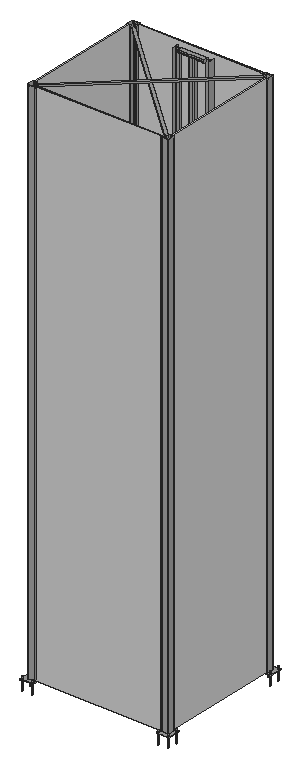
Revit family "1SE_Trez_TC_T_1000_With_Pit", category Specialty Equipment, Revit 2019
Family settings
  Round Connector Dimension = Use Diameter
  Part Type = Normal
  Work Plane-Based = No
  Always vertical = Yes
  Cut with Voids When Loaded = Yes
  Shared = No
  Room Calculation Point = No
Parameters (values of type "Platform-1800x1400mm with Door Height 2500mm")
  Side Clearance = 105.0 mm  # constant formula
  Safe Working Load = 1000.00 kg  # constant formula
  Safe Space = if(Cabin or Platform = Cabin, 900.0 mm, if(and(Cabin or Platform = Platform, Door Clear Height > 1900.0 mm), 600.0 mm, 0.0 mm))  # 600.0 mm
  Platform = Speciality_Equipment_Trez_Platform_Sgl_C : Platform
  Door Clear Width = Real Width  # 1800.0 mm
  Door Clear Height = 2500.0 mm
  D-Side = yes
  Clear Width = 1800.0 mm
  URL = "https://trez.bg/en/products/goods-only-lift-tc/tc-t-tower/"
  Tower Width = Real Width + 2 * Side Clearance  # 2010.0 mm
  Tower Depth = Real Depth + Side Clearance + Clearance  # 1870.0 mm
  Tower Cladding Material = TREZ_Steel_Cladding
  Real Width = if(Clear Width < 850.0 mm, 850.0 mm, if(Clear Width > 1800.0 mm, 1800.0 mm, Clear Width))  # 1800.0 mm
  Real Depth = if(Clear Depth < 850.0 mm, 850.0 mm, if(Clear Depth > 1400.0 mm, 1400.0 mm, Clear Depth))  # 1400.0 mm
  Profiles Material = TREZ_Steel
  Platform Material = TREZ_Steel
  Pit Height = 120.0 mm  # constant formula
  Travel = 4500.0 mm
  Rail Height = Travel + Pit Height + Headroom  # 7720.0 mm
  Model = "TC T 1000"
  Manufacturer = "TREZ Ltd."
  Headroom = Door Clear Height + Safe Space  # 3100.0 mm
  Description = "TC T is the best choice when the budget is small, but the safety requirements are high. TC T is not fixed forever to the building. It can be installed directly on the ground floor and later dismounted and installed in another place. The TC T complies with the machinery directive 2006/42/EC. From the menu below, you can choose the lift and the tower options to fit perfectly for your project."  # constant formula
  Clear Depth = 1400.0 mm
  Created By URL = "https://all1studio.com/"
  Created By = "All 1 Studio Ltd."
  Clearance = 365.0 mm  # constant formula
  Cabin or Platform = Speciality_Equipment_Trez_Platform_Sgl_C : Platform
  Cabin = Speciality_Equipment_Trez_Cabin_Sgl_C : Cabin
  C-Side = 1 = 1  # yes
  B-Side = yes
  A-Side = no
Reference planes
  plane 1 "Center (Front/Back)": y = 0
  plane 2: z = 0
  plane 3 "Center (Left/Right)": x = 0
  plane 4: x = -900
  plane 5: x = 900
  plane 6: y = 700
  plane 7: y = -700
  plane 8: x = 1005
  plane 9: y = 1065
  plane 10: x = -1005
  plane 11: y = -805
  plane 12: x = 950
  plane 13: x = -950
  plane 14: y = 1010
  plane 15: y = -750
  plane 16: z = 4500
  plane 17 "Top of Lift": z = 7600
  plane 18 "Pit": z = -120
  plane 19: x = -958.5
  plane 20: x = 958.5
  plane 21: x = -989.032
  plane 22: x = -971.032
  plane 23: y = 1049
  plane 24: y = 1031
  plane 25: x = 989
  plane 26: x = 971
  plane 27: y = -789
  plane 28: y = -771
  plane 29: x = -1065
  plane 30: y = 1125
  plane 31: x = 1065
  plane 32: y = -865
  plane 33: z = 7540
  plane 34: z = 40
  plane 35: z = -145
  plane 36: y = 878.5
  plane 37: y = 1275
  plane 38: x = -900
  plane 39: y = -700
  plane 40: x = 900
  plane 41: y = 960
Forms (mm)
  Extrusion 1, solid, material "TREZ_Steel_Cladding" <- "Tower Cladding Material", detail levels coarse+medium
    sketch origin (0, 0, 0) x (1, 0, 0) y (0, 1, 0)
      loop
        line (-1005, -805) -> (-900, -805) -> (-900, -789) -> (900, -789) -> (900, -805) -> (1005, -805) -> (1005, -700) -> (989, -700) -> (989, 960) -> (1005, 960) -> (1005, 1065) -> (900, 1065) -> (900, 1049) -> (-900, 1049) -> (-900, 1065) -> (-1005, 1065) -> (-1005, 960) -> (-989.032, 960) -> (-989.032, -700) -> (-1005, -700) -> (-1005, -805)
      loop
        line (-950, -750) -> (-900, -750) -> (-900, -771) -> (900, -771) -> (900, -750) -> (950, -750) -> (950, -700) -> (971, -700) -> (971, 960) -> (950, 960) -> (950, 1010) -> (900, 1010) -> (900, 1031) -> (-900, 1031) -> (-900, 1010) -> (-950, 1010) -> (-950, 960) -> (-971.032, 960) -> (-971.032, -700) -> (-950, -700) -> (-950, -750)
    from 0 to 7600
  Extrusion 2, void
    sketch origin (0, 0, 0) x (1, 0, 0) y (0, 1, 0)
      loop
        line (-950, 1010) -> (-950, -750) -> (950, -750) -> (950, 1010) -> (-950, 1010)
    from 0 to -120
  Extrusion 3, solid, material "TREZ_Steel" <- "Profiles Material", detail levels fine
    sketch origin (0, 0, 0) x (1, 0, 0) y (0, 1, 0)
      loop
        arc (-1005, -798) -> (-1002.95, -802.95) -> (-998, -805) r 7
        line (-998, -805) -> (-907, -805)
        arc (-907, -805) -> (-902.05, -802.95) -> (-900, -798) r 7
        line (-900, -798) -> (-900, -757)
        arc (-900, -757) -> (-902.05, -752.05) -> (-907, -750) r 7
        line (-907, -750) -> (-943, -750)
        arc (-943, -750) -> (-947.95, -747.95) -> (-950, -743) r 7
        line (-950, -743) -> (-950, -707)
        arc (-950, -707) -> (-952.05, -702.05) -> (-957, -700) r 7
        line (-957, -700) -> (-998, -700)
        arc (-998, -700) -> (-1002.95, -702.05) -> (-1005, -707) r 7
        line (-1005, -707) -> (-1005, -798)
      loop
        line (-903, -798) -> (-903, -757)
        arc (-903, -757) -> (-904.172, -754.172) -> (-907, -753) r 4
        line (-907, -753) -> (-943, -753)
        arc (-943, -753) -> (-950.071, -750.071) -> (-953, -743) r 10
        line (-953, -743) -> (-953, -707)
        arc (-953, -707) -> (-954.172, -704.172) -> (-957, -703) r 4
        line (-957, -703) -> (-998, -703)
        arc (-998, -703) -> (-1000.828, -704.172) -> (-1002, -707) r 4
        line (-1002, -707) -> (-1002, -798)
        arc (-1002, -798) -> (-1000.828, -800.828) -> (-998, -802) r 4
        line (-998, -802) -> (-907, -802)
        arc (-907, -802) -> (-904.172, -800.828) -> (-903, -798) r 4
      loop
        line (1005, -798) -> (1005, -707)
        arc (1005, -707) -> (1002.95, -702.05) -> (998, -700) r 7
        line (998, -700) -> (957, -700)
        arc (957, -700) -> (952.05, -702.05) -> (950, -707) r 7
        line (950, -707) -> (950, -743)
        arc (950, -743) -> (947.95, -747.95) -> (943, -750) r 7
        line (943, -750) -> (907, -750)
        arc (907, -750) -> (902.05, -752.05) -> (900, -757) r 7
        line (900, -757) -> (900, -798)
        arc (900, -798) -> (902.05, -802.95) -> (907, -805) r 7
        line (907, -805) -> (998, -805)
        arc (998, -805) -> (1002.95, -802.95) -> (1005, -798) r 7
      loop
        arc (903, -798) -> (904.172, -800.828) -> (907, -802) r 4
        line (907, -802) -> (998, -802)
        arc (998, -802) -> (1000.828, -800.828) -> (1002, -798) r 4
        line (1002, -798) -> (1002, -707)
        arc (1002, -707) -> (1000.828, -704.172) -> (998, -703) r 4
        line (998, -703) -> (957, -703)
        arc (957, -703) -> (954.172, -704.172) -> (953, -707) r 4
        line (953, -707) -> (953, -743)
        arc (953, -743) -> (950.071, -750.071) -> (943, -753) r 10
        line (943, -753) -> (907, -753)
        arc (907, -753) -> (904.172, -754.172) -> (903, -757) r 4
        line (903, -757) -> (903, -798)
      loop
        line (-1005, 1058) -> (-1005, 967)
        arc (-1005, 967) -> (-1002.95, 962.05) -> (-998, 960) r 7
        line (-998, 960) -> (-957, 960)
        arc (-957, 960) -> (-952.05, 962.05) -> (-950, 967) r 7
        line (-950, 967) -> (-950, 1003)
        arc (-950, 1003) -> (-947.95, 1007.95) -> (-943, 1010) r 7
        line (-943, 1010) -> (-907, 1010)
        arc (-907, 1010) -> (-902.05, 1012.05) -> (-900, 1017) r 7
        line (-900, 1017) -> (-900, 1058)
        arc (-900, 1058) -> (-902.05, 1062.95) -> (-907, 1065) r 7
        line (-907, 1065) -> (-998, 1065)
        arc (-998, 1065) -> (-1002.95, 1062.95) -> (-1005, 1058) r 7
      loop
        arc (-903, 1058) -> (-904.172, 1060.828) -> (-907, 1062) r 4
        line (-907, 1062) -> (-998, 1062)
        arc (-998, 1062) -> (-1000.828, 1060.828) -> (-1002, 1058) r 4
        line (-1002, 1058) -> (-1002, 967)
        arc (-1002, 967) -> (-1000.828, 964.172) -> (-998, 963) r 4
        line (-998, 963) -> (-957, 963)
        arc (-957, 963) -> (-954.172, 964.172) -> (-953, 967) r 4
        line (-953, 967) -> (-953, 1003)
        arc (-953, 1003) -> (-950.071, 1010.071) -> (-943, 1013) r 10
        line (-943, 1013) -> (-907, 1013)
        arc (-907, 1013) -> (-904.172, 1014.172) -> (-903, 1017) r 4
        line (-903, 1017) -> (-903, 1058)
      loop
        arc (1005, 1058) -> (1002.95, 1062.95) -> (998, 1065) r 7
        line (998, 1065) -> (907, 1065)
        arc (907, 1065) -> (902.05, 1062.95) -> (900, 1058) r 7
        line (900, 1058) -> (900, 1017)
        arc (900, 1017) -> (902.05, 1012.05) -> (907, 1010) r 7
        line (907, 1010) -> (943, 1010)
        arc (943, 1010) -> (947.95, 1007.95) -> (950, 1003) r 7
        line (950, 1003) -> (950, 967)
        arc (950, 967) -> (952.05, 962.05) -> (957, 960) r 7
        line (957, 960) -> (998, 960)
        arc (998, 960) -> (1002.95, 962.05) -> (1005, 967) r 7
        line (1005, 967) -> (1005, 1058)
      loop
        line (903, 1058) -> (903, 1017)
        arc (903, 1017) -> (904.172, 1014.172) -> (907, 1013) r 4
        line (907, 1013) -> (943, 1013)
        arc (943, 1013) -> (950.071, 1010.071) -> (953, 1003) r 10
        line (953, 1003) -> (953, 967)
        arc (953, 967) -> (954.172, 964.172) -> (957, 963) r 4
        line (957, 963) -> (998, 963)
        arc (998, 963) -> (1000.828, 964.172) -> (1002, 967) r 4
        line (1002, 967) -> (1002, 1058)
        arc (1002, 1058) -> (1000.828, 1060.828) -> (998, 1062) r 4
        line (998, 1062) -> (907, 1062)
        arc (907, 1062) -> (904.172, 1060.828) -> (903, 1058) r 4
    from 5 to 7600
  Extrusion 4, solid, material "TREZ_Steel_Cladding" <- "Tower Cladding Material", detail levels fine
    sketch origin (0, 0, 0) x (1, 0, 0) y (0, 1, 0)
      loop
        line (989, 960) -> (971, 960) -> (971, -700) -> (989, -700) -> (989, 960)
      loop
        line (900, 1049) -> (-900, 1049) -> (-900, 1031) -> (900, 1031) -> (900, 1049)
      loop
        line (900, -771) -> (-900, -771) -> (-900, -789) -> (900, -789) -> (900, -771)
      loop
        line (-971.032, -700) -> (-971.032, 960) -> (-989.032, 960) -> (-989.032, -700) -> (-971.032, -700)
    from 0 to 7600
  Extrusion 5, solid, material "TREZ_Steel" <- "Profiles Material", detail levels fine
    sketch origin (0, 0, 0) x (1, 0, 0) y (0, 1, 0)
      loop
        arc (-887, -865) -> (-882.05, -862.95) -> (-880, -858) r 7
        line (-880, -858) -> (-880, -805) -> (-900, -805) -> (-900, -750) -> (-950, -750) -> (-950, -700) -> (-1005, -700) -> (-1005, -680) -> (-1058, -680)
        arc (-1058, -680) -> (-1062.95, -682.05) -> (-1065, -687) r 7
        line (-1065, -687) -> (-1065, -858)
        arc (-1065, -858) -> (-1062.95, -862.95) -> (-1058, -865) r 7
        line (-1058, -865) -> (-887, -865)
      loop
        line (887, -865) -> (1058, -865)
        arc (1058, -865) -> (1062.95, -862.95) -> (1065, -858) r 7
        line (1065, -858) -> (1065, -687)
        arc (1065, -687) -> (1062.95, -682.05) -> (1058, -680) r 7
        line (1058, -680) -> (1005, -680) -> (1005, -700) -> (950, -700) -> (950, -750) -> (900, -750) -> (900, -805) -> (880, -805) -> (880, -858)
        arc (880, -858) -> (882.05, -862.95) -> (887, -865) r 7
      loop
        line (-887, 1125) -> (-1058, 1125)
        arc (-1058, 1125) -> (-1062.95, 1122.95) -> (-1065, 1118) r 7
        line (-1065, 1118) -> (-1065, 947)
        arc (-1065, 947) -> (-1062.95, 942.05) -> (-1058, 940) r 7
        line (-1058, 940) -> (-1005, 940) -> (-1005, 960) -> (-950, 960) -> (-950, 1010) -> (-900, 1010) -> (-900, 1065) -> (-880, 1065) -> (-880, 1118)
        arc (-880, 1118) -> (-882.05, 1122.95) -> (-887, 1125) r 7
      loop
        arc (887, 1125) -> (882.05, 1122.95) -> (880, 1118) r 7
        line (880, 1118) -> (880, 1065) -> (900, 1065) -> (900, 1010) -> (950, 1010) -> (950, 960) -> (1005, 960) -> (1005, 940) -> (1058, 940)
        arc (1058, 940) -> (1062.95, 942.05) -> (1065, 947) r 7
        line (1065, 947) -> (1065, 1118)
        arc (1065, 1118) -> (1062.95, 1122.95) -> (1058, 1125) r 7
        line (1058, 1125) -> (887, 1125)
    from 5 to 0
  Sweep 6, solid, material "TREZ_Steel" <- "Profiles Material", detail levels fine
    path origin (0, 0, 7600) x (-1, 0, 0) y (0, -1, 0)
      loop
        line (950, 750) -> (-950, -1010)
    profile origin (0, 130, 7600) x (-0.679562, 0.733618, 0) y (0, 0, 1)
      loop
        line (15, 0) -> (-15, 0) -> (-15, -30) -> (15, -30) -> (15, 0)
  Sweep 7, solid, material "TREZ_Steel" <- "Profiles Material", detail levels fine
    path origin (0, 0, 7600) x (-1, 0, 0) y (0, -1, 0)
      loop
        line (950, -1010) -> (-950, 750)
    profile origin (0, 130, 7600) x (0.679562, 0.733618, 0) y (0, 0, 1)
      loop
        line (-15, -60) -> (15, -60) -> (15, -30) -> (-15, -30) -> (-15, -60)
  Extrusion 8, void
    sketch origin (0, 0, 7600) x (-1, 0, 0) y (0, -1, 0)
      loop
        arc (957, -705) -> (952.05, -707.05) -> (950, -712) r 7
        line (950, -712) -> (950, -1003)
        arc (950, -1003) -> (947.95, -1007.95) -> (943, -1010) r 7
        line (943, -1010) -> (907, -1010)
        arc (907, -1010) -> (902.05, -1012.05) -> (900, -1017) r 7
        line (900, -1017) -> (900, -1058)
        arc (900, -1058) -> (902.05, -1062.95) -> (907, -1065) r 7
        line (907, -1065) -> (998, -1065)
        arc (998, -1065) -> (1002.95, -1062.95) -> (1005, -1058) r 7
        line (1005, -1058) -> (1005, -712)
        arc (1005, -712) -> (1002.95, -707.05) -> (998, -705) r 7
        line (998, -705) -> (957, -705)
      loop
        arc (-900, -1017) -> (-902.05, -1012.05) -> (-907, -1010) r 7
        line (-907, -1010) -> (-943, -1010)
        arc (-943, -1010) -> (-947.95, -1007.95) -> (-950, -1003) r 7
        line (-950, -1003) -> (-950, -712)
        arc (-950, -712) -> (-952.05, -707.05) -> (-957, -705) r 7
        line (-957, -705) -> (-998, -705)
        arc (-998, -705) -> (-1002.95, -707.05) -> (-1005, -712) r 7
        line (-1005, -712) -> (-1005, -1058)
        arc (-1005, -1058) -> (-1002.95, -1062.95) -> (-998, -1065) r 7
        line (-998, -1065) -> (-907, -1065)
        arc (-907, -1065) -> (-902.05, -1062.95) -> (-900, -1058) r 7
        line (-900, -1058) -> (-900, -1017)
      loop
        arc (-957, 665) -> (-952.05, 667.05) -> (-950, 672) r 7
        line (-950, 672) -> (-950, 743)
        arc (-950, 743) -> (-947.95, 747.95) -> (-943, 750) r 7
        line (-943, 750) -> (-907, 750)
        arc (-907, 750) -> (-902.05, 752.05) -> (-900, 757) r 7
        line (-900, 757) -> (-900, 798)
        arc (-900, 798) -> (-902.05, 802.95) -> (-907, 805) r 7
        line (-907, 805) -> (-998, 805)
        arc (-998, 805) -> (-1002.95, 802.95) -> (-1005, 798) r 7
        line (-1005, 798) -> (-1005, 672)
        arc (-1005, 672) -> (-1002.95, 667.05) -> (-998, 665) r 7
        line (-998, 665) -> (-957, 665)
      loop
        arc (950, 672) -> (952.05, 667.05) -> (957, 665) r 7
        line (957, 665) -> (998, 665)
        arc (998, 665) -> (1002.95, 667.05) -> (1005, 672) r 7
        line (1005, 672) -> (1005, 798)
        arc (1005, 798) -> (1002.95, 802.95) -> (998, 805) r 7
        line (998, 805) -> (907, 805)
        arc (907, 805) -> (902.05, 802.95) -> (900, 798) r 7
        line (900, 798) -> (900, 757)
        arc (900, 757) -> (902.05, 752.05) -> (907, 750) r 7
        line (907, 750) -> (943, 750)
        arc (943, 750) -> (947.95, 747.95) -> (950, 743) r 7
        line (950, 743) -> (950, 672)
    from -60 to 0
  Extrusion 9, solid, material "TREZ_Steel" <- "Profiles Material", detail levels fine
    sketch origin (0, 0, 0) x (1, 0, 0) y (0, 1, 0)
      loop
        circle (-1040.697, -849.303) r 6
      loop
        circle (-895.697, -849.303) r 6
      loop
        circle (-1040.697, -704.303) r 6
      loop
        circle (1040.697, -849.303) r 6
      loop
        circle (895.697, -849.303) r 6
      loop
        circle (1040.697, -704.303) r 6
      loop
        circle (-1040.697, 1109.303) r 6
      loop
        circle (-895.697, 1109.303) r 6
      loop
        circle (-1040.697, 964.303) r 6
      loop
        circle (1040.697, 1109.303) r 6
      loop
        circle (895.697, 1109.303) r 6
      loop
        circle (1040.697, 964.303) r 6
    from -145 to 40
Cuts and joins
  Extrusion 2 cuts Extrusion 1
  Extrusion 8 cuts Sweep 6
  Extrusion 8 cuts Sweep 7
  joined: Extrusion 5, Extrusion 9
Lines and regions (mm)
  symbolic lines, style "Profiles"
    curve 1: line (-1005, 1065, 0) -> (-900, 1065, 0)
    curve 2: line (-900, 1065, 0) -> (-900, 1010, 0)
    curve 3: line (-900, 1010, 0) -> (-950, 1010, 0)
    curve 4: line (-950, 1010, 0) -> (-950, 960, 0)
    curve 5: line (-950, 960, 0) -> (-1005, 960, 0)
    curve 6: line (-1005, 960, 0) -> (-1005, 1065, 0)
    curve 7: line (900, 1065, 0) -> (1005, 1065, 0)
    curve 8: line (1005, 1065, 0) -> (1005, 960, 0)
    curve 9: line (1005, 960, 0) -> (950, 960, 0)
    curve 10: line (950, 960, 0) -> (950, 1010, 0)
    curve 11: line (950, 1010, 0) -> (900, 1010, 0)
    curve 12: line (900, 1010, 0) -> (900, 1065, 0)
    curve 13: line (-1005, -700, 0) -> (-950, -700, 0)
    curve 14: line (-950, -700, 0) -> (-950, -750, 0)
    curve 15: line (-950, -750, 0) -> (-900, -750, 0)
    curve 16: line (-900, -750, 0) -> (-900, -805, 0)
    curve 17: line (-900, -805, 0) -> (-1005, -805, 0)
    curve 18: line (-1005, -805, 0) -> (-1005, -700, 0)
    curve 19: line (900, -750, 0) -> (950, -750, 0)
    curve 20: line (950, -750, 0) -> (950, -700, 0)
    curve 21: line (950, -700, 0) -> (1005, -700, 0)
    curve 22: line (1005, -700, 0) -> (1005, -805, 0)
    curve 23: line (1005, -805, 0) -> (900, -805, 0)
    curve 24: line (900, -750, 0) -> (900, -805, 0)
    curve 25: line (989, 960, 0) -> (971, 960, 0)
    curve 26: line (989, -700, 0) -> (989, 960, 0)
    curve 27: line (971, -700, 0) -> (989, -700, 0)
    curve 28: line (971, 960, 0) -> (971, -700, 0)
    curve 29: line (900, -771, 0) -> (-900, -771, 0)
    curve 30: line (900, -789, 0) -> (900, -771, 0)
    curve 31: line (-900, -789, 0) -> (900, -789, 0)
    curve 32: line (-900, -771, 0) -> (-900, -789, 0)
    curve 33: line (-971.032, -700, 0) -> (-989.032, -700, 0)
    curve 34: line (-971.032, 960, 0) -> (-971.032, -700, 0)
    curve 35: line (-989.032, 960, 0) -> (-971.032, 960, 0)
    curve 36: line (-989.032, -700, 0) -> (-989.032, 960, 0)
    curve 37: line (-900, 1031, 0) -> (900, 1031, 0)
    curve 38: line (-900, 1049, 0) -> (-900, 1031, 0)
    curve 39: line (900, 1049, 0) -> (-900, 1049, 0)
    curve 40: line (900, 1031, 0) -> (900, 1049, 0)
  symbolic lines, style "Platform"
    curve 41: line (-900, 700, 0) -> (900, 700, 0)
    curve 42: line (-900, -700, 0) -> (-900, 700, 0)
    curve 43: line (900, -700, 0) -> (-900, -700, 0)
    curve 44: line (900, 700, 0) -> (900, -700, 0)
    curve 45: line (-900, 700, 0) -> (900, -700, 0)
    curve 46: line (900, 700, 0) -> (-900, -700, 0)
  model lines, style "Profiles", detail levels coarse+medium
    curve 47: line (-950, 1010, 7600) -> (950, -750, 7600)
    curve 48: line (950, 1010, 7600) -> (-950, -750, 7600)
Dimensions and locks
  equal spacing: plane 4, plane 3 "Center (Left/Right)", plane 5
  "Real Width": plane 4 to plane 5
  equal spacing: plane 7, plane 1 "Center (Front/Back)", plane 6
  "Real Depth": plane 7 to plane 6
  "Side Clearance": plane 7 to plane 11
  locked: plane 12 to plane 8 at 55
  locked: plane 10 to plane 13 at 55
  locked: plane 14 to plane 9 at 55
  locked: plane 15 to plane 11 at 55
  "Travel": plane 16 to level
  "Pit Height": level to plane 18 "Pit"
  locked: plane 10 to plane 19 at 46.5
  locked: plane 20 to plane 8 at 46.5
  plane 10 to plane 21 to plane 22 = 15.968 mm locked, 18.0 mm locked
  plane 24 to plane 23 to plane 9 = 18.0 mm locked, 16.0 mm locked
  plane 26 to plane 25 to plane 8 = 18.0 mm locked, 16.0 mm locked
  plane 28 to plane 27 to plane 11 = 18.0 mm locked, 16.0 mm locked
  locked: plane 29 to plane 10 at 60
  locked: plane 9 to plane 30 at 60
  locked: plane 8 to plane 31 at 60
  locked: plane 11 to plane 32 at 60
  "Headroom": plane 17 "Top of Lift" to plane 16
  locked: plane 17 "Top of Lift" to plane 33 at 60
  locked: plane 34 to level at 40
  locked: level to plane 35 at 145
  "Clearance": plane 6 to plane 9
  locked: plane 36 to plane 9 at 186.5
  locked: plane 9 to plane 37 at 210
  "Side Clearance": plane 10 to plane 4
  "Side Clearance": plane 5 to plane 8
  locked: plane 10 to plane 38 at 105
  locked: plane 39 to plane 11 at 105
  locked: plane 40 to plane 8 at 105
  locked: plane 41 to plane 9 at 105
  plane 9 to plane 11 = 1870.0 mm
  plane 10 to plane 8 = 2010.0 mm
  aligned and locked: level to plane 2
  aligned and locked: plane 10 to Extrusion 1 sketch curve
  aligned and locked: plane 13 to Extrusion 1 sketch curve
  aligned and locked: plane 17 "Top of Lift" to Extrusion 1
  aligned and locked: plane 15 to Extrusion 2 sketch curve
  aligned and locked: plane 14 to Extrusion 2 sketch curve
  aligned and locked: Extrusion 2 to plane 18 "Pit"
  aligned and locked: plane 1 "Center (Front/Back)" to nested 1
  aligned and locked: plane 3 "Center (Left/Right)" to nested 1
  aligned and locked: plane 17 "Top of Lift" to Extrusion 3
  aligned and locked: Extrusion 4 sketch curve to plane 25
  aligned and locked: plane 26 to Extrusion 4 sketch curve
  aligned and locked: Extrusion 4 sketch curve to plane 23
  aligned and locked: plane 24 to Extrusion 4 sketch curve
  aligned and locked: plane 28 to Extrusion 4 sketch curve
  aligned and locked: Extrusion 4 sketch curve to plane 27
  aligned and locked: Extrusion 4 sketch curve to plane 22
  aligned and locked: plane 21 to Extrusion 4 sketch curve
  aligned and locked: plane 17 "Top of Lift" to Extrusion 4
  aligned and locked: plane 14 to Sweep 6 sketch curve
  aligned and locked: plane 12 to Sweep 6 sketch curve
  aligned and locked: plane 13 to Sweep 6 sketch curve
  aligned and locked: plane 15 to Sweep 6 sketch curve
  aligned and locked: plane 12 to Sweep 7 sketch curve
  aligned and locked: plane 15 to Sweep 7 sketch curve
  aligned and locked: plane 14 to Sweep 7 sketch curve
  aligned and locked: plane 13 to Sweep 7 sketch curve
  aligned and locked: plane 33 to Extrusion 8
  aligned and locked: plane 17 "Top of Lift" to Extrusion 8
  aligned and locked: Extrusion 9 to plane 35
  aligned and locked: plane 34 to Extrusion 9
  aligned and locked: plane 16 to nested 1
  aligned and locked: nested 3 to plane 3 "Center (Left/Right)"
  aligned and locked: plane 36 to nested 3
  aligned and locked: nested 2 to plane 3 "Center (Left/Right)"
  aligned and locked: nested 2 to plane 37
  aligned and locked: plane 4 to curve 42
  aligned and locked: Extrusion 4 sketch curve to plane 40
  aligned and locked: plane 13 to Extrusion 2 sketch curve
  aligned and locked: plane 12 to Extrusion 2 sketch curve
  aligned and locked: nested 3 to plane 18 "Pit"
Automatic sketch dimensions
  plane 9 to Extrusion 8 sketch curve = 0.0 mm  (x2)
  plane 14 to Extrusion 8 sketch curve = 0.0 mm  (x2)
  Extrusion 8 sketch curve to plane 13 = 0.0 mm  (x2)
  Extrusion 8 sketch curve to plane 10 = 0.0 mm  (x2)
  Extrusion 8 sketch curve to Extrusion 8 sketch curve = 7.0 mm  (x9)
  plane 13 to Extrusion 8 sketch curve = 43.0 mm
  Extrusion 8 sketch curve to Extrusion 8 sketch curve = 36.0 mm  (x2)
  plane 19 to Extrusion 8 sketch curve = 1.5 mm  (x2)
  plane 10 to Extrusion 8 sketch curve = 7.0 mm
  Extrusion 8 sketch curve to plane 6 = 12.0 mm
  Extrusion 8 sketch curve to plane 8 = 0.0 mm  (x2)
  Extrusion 8 sketch curve to plane 12 = 0.0 mm  (x2)
  Extrusion 8 sketch curve to plane 6 = 5.0 mm
  plane 8 to Extrusion 8 sketch curve = 7.0 mm  (x3)
  plane 20 to Extrusion 8 sketch curve = 1.5 mm  (x2)
  Extrusion 8 sketch curve to plane 14 = 7.0 mm
  Extrusion 8 sketch curve to plane 11 = 0.0 mm  (x2)
  Extrusion 8 sketch curve to plane 15 = 0.0 mm  (x2)
  plane 12 to Extrusion 8 sketch curve = 7.0 mm
  plane 11 to Extrusion 8 sketch curve = 7.0 mm  (x2)
  plane 12 to Extrusion 8 sketch curve = 43.0 mm
  Extrusion 8 sketch curve to plane 15 = 7.0 mm
  plane 7 to Extrusion 8 sketch curve = 35.0 mm  (x2)
  plane 13 to Extrusion 8 sketch curve = 50.0 mm
  plane 13 to Extrusion 8 sketch curve = 7.0 mm
  curve 47 to plane 12 = 0.0 mm
  curve 48 to plane 12 = 0.0 mm
  curve 48 to plane 13 = 0.0 mm
  curve 47 to plane 13 = 0.0 mm
  plane 14 to curve 48 = 0.0 mm
  plane 14 to curve 47 = 0.0 mm
  curve 48 to plane 15 = 0.0 mm
  curve 47 to plane 15 = 0.0 mm
  plane 17 "Top of Lift" to Sweep 6 sketch curve = 0.0 mm
  profile plane to Sweep 6 sketch curve = 15.0 mm
  Sweep 6 sketch curve to profile plane = 15.0 mm
  Sweep 6 sketch curve to Sweep 6 sketch curve = 30.0 mm
  profile plane to Sweep 7 sketch curve = 15.0 mm
  Sweep 7 sketch curve to profile plane = 15.0 mm
  Sweep 7 sketch curve to plane 17 "Top of Lift" = 60.0 mm
  Sweep 7 sketch curve to plane 17 "Top of Lift" = 30.0 mm
  Extrusion 3 sketch curve to Extrusion 3 sketch curve = 0.0 mm  (x48)
  Extrusion 3 sketch curve to plane 10 = 0.0 mm  (x2)
  Extrusion 3 sketch curve to plane 11 = 0.0 mm  (x2)
  plane 41 to Extrusion 3 sketch curve = 0.0 mm  (x2)
  plane 9 to Extrusion 3 sketch curve = 0.0 mm  (x2)
  plane 39 to Extrusion 3 sketch curve = 0.0 mm  (x2)
  Extrusion 3 sketch curve to plane 13 = 0.0 mm  (x2)
  plane 14 to Extrusion 3 sketch curve = 0.0 mm  (x2)
  Extrusion 3 sketch curve to plane 15 = 0.0 mm  (x2)
  Extrusion 3 sketch curve to plane 38 = 0.0 mm  (x2)
  Extrusion 3 sketch curve to plane 40 = 0.0 mm  (x2)
  Extrusion 3 sketch curve to plane 12 = 0.0 mm  (x2)
  Extrusion 3 sketch curve to plane 8 = 0.0 mm  (x2)
  Extrusion 3 sketch curve to Extrusion 3 sketch curve = 3.0 mm  (x2)
  plane 10 to Extrusion 3 sketch curve = 3.0 mm
  plane 10 to Extrusion 3 sketch curve = 7.0 mm  (x2)
  Extrusion 3 sketch curve to Extrusion 3 sketch curve = 4.0 mm  (x12)
  plane 19 to Extrusion 3 sketch curve = 1.5 mm  (x2)
  Extrusion 3 sketch curve to Extrusion 3 sketch curve = 7.0 mm  (x2)
  plane 13 to Extrusion 3 sketch curve = 7.0 mm
  Extrusion 3 sketch curve to plane 40 = 3.0 mm
  Extrusion 3 sketch curve to plane 40 = 7.0 mm
  plane 12 to Extrusion 3 sketch curve = 7.0 mm
  plane 20 to Extrusion 3 sketch curve = 1.5 mm  (x2)
  plane 8 to Extrusion 3 sketch curve = 7.0 mm
  plane 9 to curve 1 = 0.0 mm
  curve 1 to plane 10 = 0.0 mm
  curve 13 to plane 10 = 0.0 mm
  curve 35 to plane 21 = 0.0 mm
  curve 34 to plane 22 = 0.0 mm
  curve 5 to plane 13 = 0.0 mm
  curve 14 to plane 13 = 0.0 mm
  curve 16 to plane 15 = 0.0 mm
  curve 16 to plane 38 = 0.0 mm
  plane 23 to curve 38 = 0.0 mm
  curve 38 to plane 38 = 0.0 mm
  curve 32 to plane 27 = 0.0 mm
  curve 32 to plane 38 = 0.0 mm
  curve 1 to plane 38 = 0.0 mm
  curve 45 to plane 5 = 0.0 mm
  plane 24 to curve 40 = 0.0 mm
  curve 40 to plane 40 = 0.0 mm
  plane 9 to curve 7 = 0.0 mm
  curve 7 to plane 40 = 0.0 mm
  curve 24 to plane 11 = 0.0 mm
  curve 24 to plane 40 = 0.0 mm
  curve 29 to plane 28 = 0.0 mm
  curve 29 to plane 40 = 0.0 mm
  curve 19 to plane 12 = 0.0 mm
  curve 10 to plane 12 = 0.0 mm
  curve 25 to plane 26 = 0.0 mm
  curve 26 to plane 25 = 0.0 mm
  curve 22 to plane 8 = 0.0 mm
  curve 7 to plane 8 = 0.0 mm
  curve 16 to plane 11 = 0.0 mm
  curve 19 to plane 15 = 0.0 mm
  plane 39 to curve 13 = 0.0 mm
  plane 39 to curve 26 = 0.0 mm
  plane 39 to curve 33 = 0.0 mm
  plane 39 to curve 22 = 0.0 mm
  plane 41 to curve 25 = 0.0 mm
  plane 41 to curve 10 = 0.0 mm
  plane 41 to curve 36 = 0.0 mm
  plane 41 to curve 4 = 0.0 mm
  plane 14 to curve 12 = 0.0 mm
  plane 14 to curve 4 = 0.0 mm
  Extrusion 1 sketch curve to plane 10 = 0.0 mm
  Extrusion 1 sketch curve to plane 21 = 0.0 mm
  Extrusion 1 sketch curve to plane 22 = 0.0 mm
  Extrusion 1 sketch curve to plane 13 = 0.0 mm
  Extrusion 1 sketch curve to plane 15 = 0.0 mm  (x2)
  Extrusion 1 sketch curve to plane 38 = 0.0 mm  (x4)
  plane 24 to Extrusion 1 sketch curve = 0.0 mm
  Extrusion 1 sketch curve to plane 11 = 0.0 mm  (x2)
  plane 9 to Extrusion 1 sketch curve = 0.0 mm  (x2)
  Extrusion 1 sketch curve to plane 40 = 0.0 mm  (x4)
  plane 23 to Extrusion 1 sketch curve = 0.0 mm
  Extrusion 1 sketch curve to plane 12 = 0.0 mm  (x2)
  Extrusion 1 sketch curve to plane 26 = 0.0 mm
  Extrusion 1 sketch curve to plane 25 = 0.0 mm
  Extrusion 1 sketch curve to plane 8 = 0.0 mm  (x2)
  Extrusion 1 sketch curve to plane 27 = 0.0 mm
  Extrusion 1 sketch curve to plane 28 = 0.0 mm
  plane 39 to Extrusion 1 sketch curve = 0.0 mm  (x4)
  plane 41 to Extrusion 1 sketch curve = 0.0 mm  (x4)
  plane 14 to Extrusion 1 sketch curve = 0.0 mm  (x2)
  Extrusion 5 sketch curve to plane 29 = 0.0 mm  (x2)
  plane 30 to Extrusion 5 sketch curve = 0.0 mm  (x2)
  Extrusion 5 sketch curve to plane 32 = 0.0 mm  (x2)
  Extrusion 5 sketch curve to plane 10 = 0.0 mm  (x2)
  Extrusion 5 sketch curve to plane 13 = 0.0 mm  (x2)
  Extrusion 5 sketch curve to plane 11 = 0.0 mm  (x2)
  Extrusion 5 sketch curve to plane 38 = 0.0 mm  (x2)
  plane 14 to Extrusion 5 sketch curve = 0.0 mm  (x2)
  plane 9 to Extrusion 5 sketch curve = 0.0 mm  (x2)
  Extrusion 5 sketch curve to plane 40 = 0.0 mm  (x2)
  Extrusion 5 sketch curve to plane 15 = 0.0 mm  (x2)
  Extrusion 5 sketch curve to plane 12 = 0.0 mm  (x2)
  Extrusion 5 sketch curve to plane 8 = 0.0 mm  (x2)
  Extrusion 5 sketch curve to plane 31 = 0.0 mm  (x2)
  plane 39 to Extrusion 5 sketch curve = 0.0 mm  (x2)
  plane 41 to Extrusion 5 sketch curve = 0.0 mm  (x2)
  Extrusion 5 sketch curve to Extrusion 5 sketch curve = 7.0 mm  (x3)
  plane 29 to Extrusion 5 sketch curve = 7.0 mm  (x3)
  plane 38 to Extrusion 5 sketch curve = 13.0 mm  (x2)
  Extrusion 5 sketch curve to Extrusion 5 sketch curve = 20.0 mm  (x3)
  plane 40 to Extrusion 5 sketch curve = 20.0 mm
  plane 31 to Extrusion 5 sketch curve = 7.0 mm  (x4)
  Extrusion 5 sketch curve to plane 39 = 13.0 mm  (x2)
  plane 41 to Extrusion 5 sketch curve = 20.0 mm  (x2)
  plane 29 to Extrusion 9 sketch curve = 24.303 mm  (x4)
  plane 39 to Extrusion 9 sketch curve = 4.303 mm  (x2)
  Extrusion 9 sketch curve to plane 41 = 4.303 mm  (x2)
  plane 38 to Extrusion 9 sketch curve = 4.303 mm  (x2)
  plane 40 to Extrusion 9 sketch curve = 4.303 mm  (x2)
  plane 31 to Extrusion 9 sketch curve = 24.303 mm  (x4)
  plane 32 to Extrusion 9 sketch curve = 15.697 mm  (x4)
  plane 30 to Extrusion 9 sketch curve = 15.697 mm  (x4)
  Extrusion 4 sketch curve to plane 4 = 0.0 mm  (x2)
  Extrusion 4 sketch curve to plane 5 = 0.0 mm
  Extrusion 4 sketch curve to plane 7 = 0.0 mm  (x2)
  plane 41 to Extrusion 4 sketch curve = 0.0 mm  (x2)
  plane 6 to curve 46 = 0.0 mm
  curve 42 to plane 7 = 0.0 mm
  radius of Extrusion 9 sketch curve = 6.0 mm  (x12)
Nested families
  nested 1: "Speciality_Equipment_Trez_Platform_Sgl_C" at (0, 0, 4500), type <- "Cabin or Platform", type "Platform"
    with Width 1800.0 mm, Depth 1400.0 mm, D-Side yes, B-Side yes
  nested 2: "Electrical_Equpment_Trez_Cabinet" at (0, 1275, 0) x (-1, 0, 0) z (0, 0, 1), type "Cabinet"
  nested 3: "Generic_Model_Trez_Rails_Sgl_C" at (0, 878.5, -120) x (0, -1, 0) z (0, 0, 1), type "Rails"
Definition of nested family "Speciality_Equipment_Trez_Platform_Sgl_C"
  Parameters (values of type "Platform")
    Width = 1300.0 mm
    Platform Material = none
    Depth = 1000.0 mm
    D-Side = no
    C-Side = yes
    B-Side = no
    A-Side = no
  Reference planes
    plane 1 "Center (Front/Back)": y = 0
    plane 2 "Bottom": z = 0
    plane 3 "Center (Left/Right)": x = 0
    plane 4: x = 650
    plane 5: x = -650
    plane 6: y = 500
    plane 7: y = -500
    plane 8: y = 535
    plane 9: z = -89
    plane 10: z = 709
    plane 11: x = -685
    plane 12: x = 685
    plane 13: y = -535
  Forms (mm)
    Extrusion 1, solid, material <- "Platform Material", visible <- "C-Side"
      sketch origin (0, 0, 0) x (1, 0, 0) y (0, 1, 0)
        loop
          line (-650, 535) -> (-650, 500) -> (650, 500) -> (650, 535) -> (-650, 535)
      from -89 to 709
    Extrusion 2, solid, material <- "Platform Material", detail levels coarse+medium
      sketch origin (0, 0, 0) x (1, 0, 0) y (0, 0, 1)
        loop
          line (-650, 0) -> (-650, -89) -> (650, -89) -> (650, 0) -> (-650, 0)
      from -500 to 500
    Extrusion 3, solid, material <- "Platform Material", detail levels fine
      sketch origin (0, 0, 0) x (1, 0, 0) y (0, 0, 1)
        loop
          line (-650, 0) -> (-650, -74)
          arc (-650, -74) -> (-645.607, -84.607) -> (-635, -89) r 15
          line (-635, -89) -> (635, -89)
          arc (635, -89) -> (645.607, -84.607) -> (650, -74) r 15
          line (650, -74) -> (650, 0) -> (-650, 0)
      from -500 to 500
    Extrusion 4, solid, material <- "Platform Material", visible <- "A-Side"
      sketch origin (0, -1035, 0) x (1, 0, 0) y (0, 1, 0)
        loop
          line (-650, 535) -> (-650, 500) -> (650, 500) -> (650, 535) -> (-650, 535)
      from -89 to 709
    Extrusion 5, solid, material <- "Platform Material", visible <- "D-Side"
      sketch origin (31.413, 20.624, 0) x (0, -1, 0) y (1, 0, 0)
        loop
          line (-514.376, 653.587) -> (-514.376, 618.587) -> (555.624, 618.587) -> (555.624, 653.587) -> (-514.376, 653.587)
      from -89 to 709
    Extrusion 6, solid, material <- "Platform Material", visible <- "B-Side"
      sketch origin (-1003.587, 20.624, 0) x (0, -1, 0) y (1, 0, 0)
        loop
          line (-514.376, 353.587) -> (-514.376, 318.587) -> (555.624, 318.587) -> (555.624, 353.587) -> (-514.376, 353.587)
      from -89 to 709
  Dimensions and locks
    equal spacing: plane 5, plane 3 "Center (Left/Right)", plane 4
    "Width": plane 5 to plane 4
    equal spacing: plane 7, plane 1 "Center (Front/Back)", plane 6
    "Depth": plane 6 to plane 7
    locked: plane 8 to plane 6 at 35
    locked: plane 2 "Bottom" to plane 9 at 89
    locked: plane 10 to plane 2 "Bottom" at 709
    locked: plane 11 to plane 5 at 35
    locked: plane 4 to plane 12 at 35
    locked: plane 13 to plane 7 at 35
    aligned and locked: level to plane 2 "Bottom"
    aligned and locked: Extrusion 1 sketch curve to plane 8
    aligned and locked: Extrusion 2 sketch curve to plane 2 "Bottom"
    aligned and locked: Extrusion 2 sketch curve to plane 9
    aligned and locked: plane 6 to Extrusion 2
    aligned and locked: plane 7 to Extrusion 2
    aligned and locked: Extrusion 3 sketch curve to plane 2 "Bottom"
    aligned and locked: Extrusion 3 sketch curve to plane 9
    aligned and locked: plane 7 to Extrusion 3
    aligned and locked: plane 6 to Extrusion 3
    aligned and locked: Extrusion 1 to plane 9
    aligned and locked: plane 5 to Extrusion 3
    aligned and locked: plane 5 to Extrusion 2
    aligned and locked: plane 5 to Extrusion 1
    aligned and locked: plane 4 to Extrusion 3
    aligned and locked: plane 4 to Extrusion 2
    aligned and locked: plane 4 to Extrusion 1
    aligned and locked: Extrusion 4 to plane 7
    aligned and locked: plane 13 to Extrusion 4
    aligned and locked: plane 4 to Extrusion 4
    aligned and locked: plane 5 to Extrusion 4
    aligned and locked: plane 12 to Extrusion 5
    aligned and locked: Extrusion 5 to plane 4
    aligned and locked: plane 8 to Extrusion 5
    aligned and locked: plane 13 to Extrusion 5
    aligned and locked: plane 11 to Extrusion 6
    aligned and locked: Extrusion 6 to plane 5
    aligned and locked: plane 8 to Extrusion 6
    aligned and locked: plane 13 to Extrusion 6
  Automatic sketch dimensions
    Extrusion 1 sketch curve to plane 5 = 0.0 mm
    Extrusion 1 sketch curve to plane 4 = 0.0 mm
    Extrusion 1 sketch curve to plane 6 = 0.0 mm
    plane 5 to Extrusion 2 sketch curve = 0.0 mm
    Extrusion 2 sketch curve to plane 4 = 0.0 mm
    plane 5 to Extrusion 3 sketch curve = 0.0 mm
    Extrusion 3 sketch curve to plane 4 = 0.0 mm
    Extrusion 3 sketch curve to plane 5 = 15.0 mm
    Extrusion 3 sketch curve to plane 4 = 15.0 mm
    Extrusion 4 sketch curve to plane 5 = 0.0 mm
    Extrusion 4 sketch curve to plane 4 = 0.0 mm
    plane 13 to Extrusion 4 sketch curve = 0.0 mm
    plane 7 to Extrusion 4 sketch curve = 0.0 mm
    plane 8 to Extrusion 5 sketch curve = 0.0 mm
    plane 13 to Extrusion 5 sketch curve = 0.0 mm
    Extrusion 5 sketch curve to plane 12 = 35.0 mm
    Extrusion 5 sketch curve to Extrusion 5 sketch curve = 35.0 mm
    plane 8 to Extrusion 6 sketch curve = 0.0 mm
    plane 13 to Extrusion 6 sketch curve = 0.0 mm
    Extrusion 6 sketch curve to plane 12 = 1370.0 mm
    Extrusion 6 sketch curve to Extrusion 6 sketch curve = 35.0 mm
Definition of nested family "Electrical_Equpment_Trez_Cabinet"
  Parameters (values of type "SE_Trez_Cabinet")
    Width = 584.0 mm
    Depth = 348.0 mm
    Cabinet Material = none
  Reference planes
    plane 1 "Center (Front/Back)": y = 0
    plane 2: z = 0
    plane 3 "Center (Left/Right)": x = 0
    plane 4: x = -292
    plane 5: x = 292
    plane 6: y = 174
    plane 7: y = -174
    plane 8: z = 100
    plane 9: z = 1000
    plane 10: x = -257
    plane 11: x = 257
  Forms (mm)
    Extrusion 1, solid, material <- "Cabinet Material", detail levels fine
      sketch origin (0, 0, 0) x (1, 0, 0) y (0, 1, 0)
        loop
          line (-292, 174) -> (-292, -174) -> (292, -174) -> (292, 174) -> (-292, 174)
      from 100 to 1000
    Extrusion 2, solid, material <- "Cabinet Material", detail levels fine
      sketch origin (0, 0, 0) x (1, 0, 0) y (0, 1, 0)
        loop
          line (-257, 174) -> (-292, 174) -> (-292, -174) -> (-257, -174) -> (-257, 174)
        loop
          line (257, 174) -> (257, -174) -> (292, -174) -> (292, 174) -> (257, 174)
      from 0 to 100
    Extrusion 3, solid, detail levels coarse+medium
      sketch origin (0, 0, 0) x (1, 0, 0) y (0, 1, 0)
        loop
          line (-292, 174) -> (-292, -174) -> (292, -174) -> (292, 174) -> (-292, 174)
      from 0 to 1000
  Lines and regions (mm)
    symbolic lines
      curve 1: line (-292, 174, 0) -> (292, 174, 0)
      curve 2: line (-292, -174, 0) -> (-292, 174, 0)
      curve 3: line (292, -174, 0) -> (-292, -174, 0)
      curve 4: line (292, 174, 0) -> (292, -174, 0)
  Dimensions and locks
    equal spacing: plane 4, plane 3 "Center (Left/Right)", plane 5
    "Width": plane 4 to plane 5
    equal spacing: plane 7, plane 1 "Center (Front/Back)", plane 6
    "Depth": plane 7 to plane 6
    plane 9 to plane 8 to plane 2 = 900.0 mm locked, 100.0 mm locked
    aligned and locked: level to plane 2
    aligned and locked: plane 6 to Extrusion 1 sketch curve
    aligned and locked: plane 4 to Extrusion 1 sketch curve
    aligned and locked: plane 7 to Extrusion 1 sketch curve
    aligned and locked: plane 5 to Extrusion 1 sketch curve
    aligned and locked: plane 9 to Extrusion 1
    aligned and locked: Extrusion 1 to plane 8
    aligned and locked: Extrusion 2 sketch curve to plane 6
    aligned and locked: plane 10 to Extrusion 2 sketch curve
    aligned and locked: Extrusion 2 sketch curve to Extrusion 1  (x4)
    aligned and locked: plane 6 to Extrusion 2 sketch curve
    aligned and locked: Extrusion 2 sketch curve to plane 11
    aligned and locked: plane 8 to Extrusion 2
    aligned and locked: Extrusion 2 to level
    aligned and locked: Extrusion 3 sketch curve to Extrusion 1  (x4)
    aligned and locked: Extrusion 3 to plane 2
    aligned and locked: plane 9 to Extrusion 3
    aligned and locked: curve 1 to Extrusion 1
    aligned and locked: curve 2 to Extrusion 1
    aligned and locked: curve 3 to Extrusion 1
    aligned and locked: curve 4 to Extrusion 1
Definition of nested family "Generic_Model_Trez_Rails_Sgl_C"
  Parameters (values of type "Rails")
    Profiles Material = none
    Height = 7720.0 mm
  Reference planes
    plane 1 "Center (Front/Back)": y = 0
    plane 2: z = 0
    plane 3 "Center (Left/Right)": x = 0
    plane 4: x = 87.2
    plane 5: x = -87.2
    plane 6: y = 350
    plane 7: y = -350
    plane 8: z = 7720
    plane 9: z = 15
    plane 10: z = 7685
    plane 11: z = -95
  Forms (mm)
    Extrusion 1, solid, material <- "Profiles Material", detail levels fine
      sketch origin (0, 0, 0) x (1, 0, 0) y (0, 1, 0)
        loop
          line (77.2, 350) -> (-77.2, 350)
          arc (-77.2, 350) -> (-84.271, 347.071) -> (-87.2, 340) r 10
          line (-87.2, 340) -> (-87.2, -340)
          arc (-87.2, -340) -> (-84.271, -347.071) -> (-77.2, -350) r 10
          line (-77.2, -350) -> (77.2, -350)
          arc (77.2, -350) -> (84.271, -347.071) -> (87.2, -340) r 10
          line (87.2, -340) -> (87.2, 340)
          arc (87.2, 340) -> (84.271, 347.071) -> (77.2, 350) r 10
      from 0 to 15
    Extrusion 2, solid, material <- "Profiles Material", detail levels fine
      sketch origin (0, 0, 0) x (1, 0, 0) y (0, 1, 0)
        loop
          line (-61.5, -260) -> (28.5, -260) -> (28.5, -252) -> (-3.5, -252)
          arc (-3.5, -252) -> (-7.036, -250.536) -> (-8.5, -247) r 5
          line (-8.5, -247) -> (-8.5, -185) -> (-24.5, -185) -> (-24.5, -247)
          arc (-24.5, -247) -> (-25.964, -250.536) -> (-29.5, -252) r 5
          line (-29.5, -252) -> (-61.5, -252) -> (-61.5, -260)
        loop
          line (-37.94, -40) -> (-1.94, -40)
          arc (-1.94, -40) -> (8.667, -35.607) -> (13.06, -25) r 15
          line (13.06, -25) -> (13.06, 25)
          arc (13.06, 25) -> (8.667, 35.607) -> (-1.94, 40) r 15
          line (-1.94, 40) -> (-37.94, 40) -> (-37.94, -40)
        loop
          line (-61.5, 260) -> (-61.5, 252) -> (-29.5, 252)
          arc (-29.5, 252) -> (-25.964, 250.536) -> (-24.5, 247) r 5
          line (-24.5, 247) -> (-24.5, 185) -> (-8.5, 185) -> (-8.5, 247)
          arc (-8.5, 247) -> (-7.036, 250.536) -> (-3.5, 252) r 5
          line (-3.5, 252) -> (28.5, 252) -> (28.5, 260) -> (-61.5, 260)
      from 15 to 7720
    Extrusion 3, solid, material <- "Profiles Material", detail levels fine
      sketch origin (0, 0, 0) x (1, 0, 0) y (0, 0, 1)
        loop
          line (-51.5, 7720) -> (-51.5, 7690)
          arc (-51.5, 7690) -> (-50.036, 7686.464) -> (-46.5, 7685) r 5
          line (-46.5, 7685) -> (13.5, 7685)
          arc (13.5, 7685) -> (17.036, 7686.464) -> (18.5, 7690) r 5
          line (18.5, 7690) -> (18.5, 7720) -> (-51.5, 7720)
      from -185 to 185
    Extrusion 4, solid, material <- "Profiles Material", detail levels coarse+medium
      sketch origin (0, 0, 0) x (1, 0, 0) y (0, 1, 0)
        loop
          line (87.2, 350) -> (-87.2, 350) -> (-87.2, -350) -> (87.2, -350) -> (87.2, 350)
      from 0 to 15
    Extrusion 5, solid, material <- "Profiles Material", detail levels coarse+medium
      sketch origin (0, 0, 0) x (1, 0, 0) y (0, 1, 0)
        loop
          line (28.5, -185) -> (-61.5, -185) -> (-61.5, -260) -> (28.5, -260) -> (28.5, -185)
        loop
          line (-37.94, -40) -> (13.06, -40) -> (13.06, 40) -> (-37.94, 40) -> (-37.94, -40)
        loop
          line (-61.5, 260) -> (-61.5, 185) -> (28.5, 185) -> (28.5, 260) -> (-61.5, 260)
      from 15 to 7720
    Extrusion 6, solid, material <- "Profiles Material", detail levels coarse+medium
      sketch origin (0, 0, 0) x (1, 0, 0) y (0, 0, 1)
        loop
          line (-51.5, 7720) -> (-51.5, 7690)
          arc (-51.5, 7690) -> (-50.036, 7686.464) -> (-46.5, 7685) r 5
          line (-46.5, 7685) -> (13.5, 7685)
          arc (13.5, 7685) -> (17.036, 7686.464) -> (18.5, 7690) r 5
          line (18.5, 7690) -> (18.5, 7720) -> (-51.5, 7720)
      from -260 to 260
    Extrusion 7, solid, material <- "Profiles Material", detail levels fine
      sketch origin (0, 0, 0) x (1, 0, 0) y (0, 1, 0)
        loop
          circle (46.2, 222.5) r 7.5
        loop
          circle (-43.8, 222.5) r 7.5
        loop
          circle (-43.8, 132.5) r 7.5
        loop
          circle (46.2, -222.5) r 7.5
        loop
          circle (-43.8, -222.5) r 7.5
        loop
          circle (-43.8, -132.5) r 7.5
        loop
          circle (-43.8, -80) r 7.5
        loop
          circle (-43.8, 80) r 7.5
        loop
          circle (46.2, 0.052) r 7.5
      from -95 to 0
  Cuts and joins
    joined: Extrusion 2, Extrusion 3
    joined: Extrusion 5, Extrusion 6
  Lines and regions (mm)
    symbolic lines
      curve 1: line (28.5, 185, 0) -> (-61.5, 185, 0)
      curve 2: line (28.5, 260, 0) -> (28.5, 185, 0)
      curve 3: line (-61.5, 260, 0) -> (28.5, 260, 0)
      curve 4: line (-61.5, 185, 0) -> (-61.5, 260, 0)
      curve 5: line (13.06, 40, 0) -> (-37.94, 40, 0)
      curve 6: line (13.06, -40, 0) -> (13.06, 40, 0)
      curve 7: line (-37.94, -40, 0) -> (13.06, -40, 0)
      curve 8: line (-37.94, 40, 0) -> (-37.94, -40, 0)
      curve 9: line (28.5, -185, 0) -> (-61.5, -185, 0)
      curve 10: line (28.5, -260, 0) -> (28.5, -185, 0)
      curve 11: line (-61.5, -260, 0) -> (28.5, -260, 0)
      curve 12: line (-61.5, -185, 0) -> (-61.5, -260, 0)
      curve 13: line (87.2, -350, 0) -> (-87.2, -350, 0)
      curve 14: line (87.2, 350, 0) -> (87.2, -350, 0)
      curve 15: line (-87.2, 350, 0) -> (87.2, 350, 0)
      curve 16: line (-87.2, -350, 0) -> (-87.2, 350, 0)
  Dimensions and locks
    equal spacing: plane 5, plane 3 "Center (Left/Right)", plane 4
    plane 5 to plane 4 = 174.4 mm
    equal spacing: plane 6, plane 1 "Center (Front/Back)", plane 7
    "Height": plane 8 to plane 2
    locked: plane 9 to plane 2 at 15
    locked: plane 8 to Extrusion 3 sketch curve at 35
    locked: plane 8 to plane 10 at 35
    locked: plane 2 to plane 11 at 95
    aligned and locked: level to plane 2
    aligned and locked: Extrusion 1 sketch curve to plane 6
    aligned and locked: plane 4 to Extrusion 1 sketch curve
    aligned and locked: Extrusion 1 sketch curve to plane 7
    aligned and locked: plane 5 to Extrusion 1 sketch curve
    aligned and locked: plane 8 to Extrusion 2
    aligned and locked: Extrusion 1 to plane 9
    aligned and locked: plane 9 to Extrusion 2
    aligned and locked: Extrusion 4 sketch curve to plane 6
    aligned and locked: plane 4 to Extrusion 4 sketch curve
    aligned and locked: Extrusion 4 sketch curve to plane 7
    aligned and locked: plane 5 to Extrusion 4 sketch curve
    aligned and locked: Extrusion 4 to plane 9
    aligned and locked: Extrusion 4 to plane 2
    aligned and locked: plane 8 to Extrusion 5
    aligned and locked: plane 8 to Extrusion 3 sketch curve
    aligned and locked: Extrusion 3 to Extrusion 5  (x2)
    aligned and locked: Extrusion 7 to plane 11
    aligned and locked: plane 2 to Extrusion 7
  Automatic sketch dimensions
    Extrusion 2 sketch curve to plane 5 = 25.7 mm  (x2)
    Extrusion 2 sketch curve to plane 3 "Center (Left/Right)" = 29.5 mm  (x2)
    Extrusion 2 sketch curve to Extrusion 2 sketch curve = 5.0 mm
    Extrusion 2 sketch curve to plane 3 "Center (Left/Right)" = 24.5 mm
    Extrusion 2 sketch curve to plane 3 "Center (Left/Right)" = 8.5 mm  (x2)
    Extrusion 2 sketch curve to plane 3 "Center (Left/Right)" = 3.5 mm  (x2)
    Extrusion 2 sketch curve to plane 3 "Center (Left/Right)" = 1.94 mm  (x2)
    Extrusion 2 sketch curve to Extrusion 2 sketch curve = 15.0 mm
    plane 3 "Center (Left/Right)" to Extrusion 2 sketch curve = 28.5 mm  (x2)
    plane 7 to Extrusion 2 sketch curve = 90.0 mm
    Extrusion 2 sketch curve to Extrusion 2 sketch curve = 8.0 mm  (x3)
    Extrusion 2 sketch curve to Extrusion 2 sketch curve = 62.0 mm  (x2)
    Extrusion 2 sketch curve to plane 1 "Center (Front/Back)" = 25.0 mm
    plane 6 to Extrusion 2 sketch curve = 165.0 mm
    Extrusion 2 sketch curve to Extrusion 2 sketch curve = 0.0 mm
    Extrusion 2 sketch curve to plane 3 "Center (Left/Right)" = 37.94 mm
    plane 1 "Center (Front/Back)" to Extrusion 2 sketch curve = 40.0 mm
    Extrusion 3 sketch curve to Extrusion 3 sketch curve = 5.0 mm  (x2)
    plane 3 "Center (Left/Right)" to Extrusion 3 sketch curve = 13.5 mm
    Extrusion 3 sketch curve to plane 5 = 40.7 mm
    Extrusion 1 sketch curve to plane 5 = 10.0 mm
    Extrusion 1 sketch curve to Extrusion 1 sketch curve = 10.0 mm
    Extrusion 1 sketch curve to plane 4 = 10.0 mm  (x2)
    Extrusion 6 sketch curve to plane 8 = 0.0 mm
    Extrusion 6 sketch curve to plane 10 = 0.0 mm
    plane 10 to Extrusion 6 sketch curve = 5.0 mm  (x2)
    Extrusion 6 sketch curve to plane 5 = 35.7 mm
    plane 3 "Center (Left/Right)" to Extrusion 6 sketch curve = 13.5 mm
    curve 16 to plane 5 = 0.0 mm
    curve 15 to plane 4 = 0.0 mm
    curve 13 to plane 7 = 0.0 mm
    plane 6 to curve 15 = 0.0 mm
    curve 3 to plane 5 = 25.7 mm
    curve 12 to plane 5 = 25.7 mm
    curve 5 to plane 3 "Center (Left/Right)" = 37.94 mm
    plane 3 "Center (Left/Right)" to curve 5 = 13.06 mm
    plane 3 "Center (Left/Right)" to curve 11 = 28.5 mm
    plane 3 "Center (Left/Right)" to curve 2 = 28.5 mm
    plane 7 to curve 11 = 90.0 mm
    curve 10 to curve 10 = 75.0 mm
    plane 1 "Center (Front/Back)" to curve 7 = 40.0 mm
    curve 5 to plane 1 "Center (Front/Back)" = 40.0 mm
    plane 6 to curve 2 = 165.0 mm
    curve 1 to curve 3 = 75.0 mm
    Extrusion 7 sketch curve to plane 5 = 43.4 mm  (x6)
    Extrusion 7 sketch curve to plane 4 = 41.0 mm  (x3)
    plane 7 to Extrusion 7 sketch curve = 127.5 mm
    Extrusion 7 sketch curve to Extrusion 7 sketch curve = 0.0 mm  (x2)
    Extrusion 7 sketch curve to Extrusion 7 sketch curve = 90.0 mm  (x2)
    plane 6 to Extrusion 7 sketch curve = 217.5 mm
    Extrusion 7 sketch curve to plane 1 "Center (Front/Back)" = 0.052 mm
    plane 1 "Center (Front/Back)" to Extrusion 7 sketch curve = 80.0 mm
    Extrusion 7 sketch curve to plane 1 "Center (Front/Back)" = 80.0 mm
    Extrusion 5 sketch curve to plane 5 = 25.7 mm  (x2)
    Extrusion 5 sketch curve to plane 3 "Center (Left/Right)" = 37.94 mm
    plane 3 "Center (Left/Right)" to Extrusion 5 sketch curve = 13.06 mm
    plane 3 "Center (Left/Right)" to Extrusion 5 sketch curve = 28.5 mm  (x2)
    plane 1 "Center (Front/Back)" to Extrusion 5 sketch curve = 40.0 mm
    Extrusion 5 sketch curve to plane 1 "Center (Front/Back)" = 40.0 mm
    Extrusion 5 sketch curve to Extrusion 5 sketch curve = 145.0 mm  (x2)
    Extrusion 5 sketch curve to Extrusion 5 sketch curve = 75.0 mm  (x2)
    radius of Extrusion 7 sketch curve = 7.5 mm  (x9)
